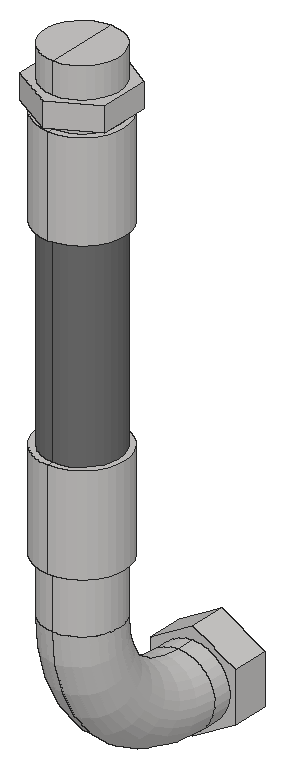
Revit family "Flexible Discharge Hose-JCI_Sapphire_Plus-(70bar)Novec1230", category Specialty Equipment, Revit 2017
Family settings
  Round Connector Dimension = Use Diameter
  Part Type = Normal
  OmniClass Number = 23.29.33.13.11
  Work Plane-Based = Yes
  Always vertical = Yes
  Cut with Voids When Loaded = No
  Shared = Yes
  Room Calculation Point = No
Parameters (values of type "50mm")
  x = 65 mm
  b = 70 mm
  URL = "http://www.sapphireplus.com"
  Type Comments = ""
  Product Page URL = "http://www.sapphireplus.com"
  Product Documentation Link = "http://www.sapphireplus.com"
  Part Number = Model  # "306700002"
  Part Description = Description  # "Flexible Discharge Hose"
  Model Disclaimer = "For More Information Contact JOHNSON CONTROLS"  # constant formula
  Model = "306700002"
  Manufacturer = "Johnson Controls, Inc."  # constant formula
  MR = 30 mm
  Fire Suppression Agent = "3M™ Novec™ 1230 Fire Protection Fluid"  # constant formula
  Family Version = "1.0"  # constant formula
  Equipment Number = "XXX"  # constant formula
  Equipment Abbreviation = "FH"  # constant formula
  Description = "Flexible Discharge Hose"  # constant formula
  Default Elevation = 1219.2 mm
  Date Modified = "YYYY/MM/DD"  # constant formula
  Date Created = "2018/10/11"  # constant formula
  Copyright © = "Copyright © 2001-2018 Johnson Controls Inc."  # constant formula
  C = 60 mm
  B = 520 mm
  Assembly Code = "D4090300"
  A1 = 114.2 mm
  A = 144.2 mm
Types (2, lengths in mm): name | b | Part Number | Model | MR | C | B | A
  50mm | 70 | "306700002" | "306700002" | 30 | 60 | 520 | 144.2
  25mm | 42 | "306700001" | "306700001" | 16 | 30 | 405 | 81.5
Reference planes
  plane 1 "Center (Front/Back)": y = 0
  plane 2: z = 0
  plane 3 "Center (Left/Right)": x = 0
  plane 4 "Nut Width": x = -35
  plane 5 "Nut Width offset": x = 35
  plane 6 "Bolt Hexa Front_Center1": through (0, -4572, 0) normal (-0.5, 0, -0.866)
  plane 7 "Bolt Hexa Front_Center2": through (0, -4572, 0) normal (-0.5, 0, 0.866)
  plane 8 "Bolt Hexa Front_Left2": through (-208, -4572, 79.674) normal (0.5, 0, 0.866)
  plane 9 "Bolt Hexa Front_Right2": through (-173, -4572, -140.296) normal (-0.5, 0, 0.866)
  plane 10 "Bolt Hexa Front_Right1": through (-208, -4572, -79.674) normal (-0.5, 0, 0.866)
  plane 11 "Bolt Hexa Front_Left1": through (208, -4572, -79.674) normal (-0.5, 0, -0.866)
  plane 12 "A Length1": y = 20
  plane 13 "Nut Length": y = -10
  plane 14 "Nut Length Ref": y = -25
  plane 15 "Hose Center": y = -124.2
  plane 16 "Hose Height": z = 520
  plane 17 "A Height": z = 144.2
  plane 18 "A Height Ref": z = 224.2
  plane 19: z = 390
  plane 20: z = 470
  plane 21 "NPT Nut Bottom": z = 475
  plane 22 "NPT Nut Top": z = 495
  plane 23 "Bolt Centre_Left": through (1.11, -124.841, 1219.2) normal (-0.5, -0.866, 0)
  plane 24 "Bolt Center_Right": through (-4.579, -126.844, 1219.2) normal (-0.5, 0.866, 0)
  plane 25 "Bolt S Right": x = 35
  plane 26 "Bolt S Left": x = -35
  plane 27 "Bolt Hexa Top_Right": through (-30.248, -101.249, 1219.2) normal (-0.5, 0.866, 0)
  plane 28 "Bolt Hexa Top_Left": through (30.248, -101.249, 1219.2) normal (-0.5, -0.866, 0)
  plane 29 "Bolt Hexa Bottom_Right": through (-30.248, -147.151, 1219.2) normal (0.5, 0.866, 0)
  plane 30 "Bolt Hexa Bottom_Left": through (30.248, -147.151, 1219.2) normal (0.5, -0.866, 0)
  plane 31 "BSPT Radius": z = 30
  plane 32 "BSPT Radius Ref": z = -30
  plane 33 "NPT Radius": y = -94.2
  plane 34 "NPT Radius Ref": y = -154.2
  plane 35 "Nut Void": y = 26.593
  plane 36 "Body Length1": y = -89.2
  plane 37 "Body Length2": y = -159.2
  plane 38: z = 0
Forms (mm)
  Extrusion 1, solid, material "JCI - Metal - Stainless Steel - Satin"
    sketch origin (0, 0, 0) x (1, 0, 0) y (0, 1, 0)
      loop
        line (-35, -144.407) -> (0, -164.615) -> (35, -144.407) -> (35, -103.993) -> (0, -83.785) -> (-35, -103.993) -> (-35, -144.407)
    from 475 to 495
  Extrusion 2, solid, material "JCI - Metal - Stainless Steel - Satin"
    sketch origin (0, 0, 0) x (1, 0, 0) y (0, 0, 1)
      loop
        line (-35, -20.207) -> (0, -40.415) -> (35, -20.207) -> (35, 20.207) -> (0, 40.415) -> (-35, 20.207) -> (-35, -20.207)
    from -20 to 10
  Sweep 3, solid, material "JCI - Metal - Stainless Steel - Satin"
    path origin (0, 0, 0) x (0, 1, 0) y (0, 0, 1)
      loop
        line (-10, 0) -> (-25, 0)
        arc (-25, 0) -> (-95.145, 29.055) -> (-124.2, 99.2) r 99.2
        line (-124.2, 99.2) -> (-124.2, 144.2)
    profile origin (0, -17.5, 0) x (0, 0, -1) y (1, 0, 0)
      loop
        circle (0, 0) r 30
  Revolve 4, void
    sketch origin (0, 0, 0) x (0, 1, 0) y (0, 0, 1)
      loop
        line (26.593, 30) -> (0, 30) -> (0, 0) -> (26.593, 0) -> (26.593, 30)
      axis (26.593, 0) -> (0, 0)
    angle from 0 to 360
  Revolve 5, solid, material "JCI - Metal - Stainless Steel - Satin"
    sketch origin (0, 0, 0) x (0, 1, 0) y (0, 0, 1)
      loop
        line (-124.2, 520) -> (-124.2, 495) -> (-94.2, 495) -> (-94.2, 520) -> (-124.2, 520)
      loop
        line (-94.2, 475) -> (-124.2, 475) -> (-124.2, 470) -> (-94.2, 470) -> (-94.2, 475)
      axis (-124.2, 470) -> (-124.2, 520)
    angle from 0 to 360
  Revolve 6, solid, material "JCI - Metal - Stainless Steel - Satin"
    sketch origin (0, 0, 0) x (0, 1, 0) y (0, 0, 1)
      loop
        line (-89.2, 470) -> (-124.2, 470) -> (-124.2, 390) -> (-89.2, 390) -> (-89.2, 470)
      loop
        line (-124.2, 224.2) -> (-124.2, 144.2) -> (-89.2, 144.2) -> (-89.2, 224.2) -> (-124.2, 224.2)
      axis (-124.2, 144.2) -> (-124.2, 470)
    angle from 0 to 360
  Revolve 7, solid, material "JCI - Rubber - Black- Matte"
    sketch origin (0, 0, 0) x (0, 1, 0) y (0, 0, 1)
      loop
        line (-124.2, 390) -> (-124.2, 224.2) -> (-94.2, 224.2) -> (-94.2, 390) -> (-124.2, 390)
      axis (-124.2, 224.2) -> (-124.2, 390)
    angle from 0 to 360
Cuts and joins
  Revolve 4 cuts Extrusion 2
Dimensions and locks
  equal spacing: plane 4 "Nut Width", plane 3 "Center (Left/Right)", plane 5 "Nut Width offset"
  "b": plane 4 "Nut Width" to plane 5 "Nut Width offset"
  equal spacing: plane 10 "Bolt Hexa Front_Right1", plane 7 "Bolt Hexa Front_Center2", plane 9 "Bolt Hexa Front_Right2"
  "b": plane 10 "Bolt Hexa Front_Right1" to plane 9 "Bolt Hexa Front_Right2"
  equal spacing: plane 11 "Bolt Hexa Front_Left1", plane 6 "Bolt Hexa Front_Center1", plane 8 "Bolt Hexa Front_Left2"
  "b": plane 11 "Bolt Hexa Front_Left1" to plane 8 "Bolt Hexa Front_Left2"
  "A": plane 12 "A Length1" to plane 15 "Hose Center"
  "B": plane 16 "Hose Height" to plane 2
  equal spacing: plane 26 "Bolt S Left", plane 3 "Center (Left/Right)", plane 25 "Bolt S Right"
  "b": plane 26 "Bolt S Left" to plane 25 "Bolt S Right"
  plane 30 "Bolt Hexa Bottom_Left" to plane 24 "Bolt Center_Right" to plane 27 "Bolt Hexa Top_Right" = 35 mm, 35 mm
  "b": plane 30 "Bolt Hexa Bottom_Left" to plane 27 "Bolt Hexa Top_Right"
  equal spacing: plane 28 "Bolt Hexa Top_Left", plane 23 "Bolt Centre_Left", plane 29 "Bolt Hexa Bottom_Right"
  "b": plane 28 "Bolt Hexa Top_Left" to plane 29 "Bolt Hexa Bottom_Right"
  equal spacing: plane 31 "BSPT Radius", plane 2, plane 32 "BSPT Radius Ref"
  equal spacing: plane 33 "NPT Radius", plane 15 "Hose Center", plane 34 "NPT Radius Ref"
  plane 20 to plane 19 = 80 mm
  locked: plane 18 "A Height Ref" to plane 17 "A Height" at 80
  plane 21 "NPT Nut Bottom" to plane 20 = 5 mm
  plane 22 "NPT Nut Top" to plane 21 "NPT Nut Bottom" = 20 mm
  plane 16 "Hose Height" to plane 22 "NPT Nut Top" = 25 mm
  locked: plane 12 "A Length1" to plane 1 "Center (Front/Back)" at 20
  locked: plane 1 "Center (Front/Back)" to plane 13 "Nut Length" at 10
  locked: plane 13 "Nut Length" to plane 14 "Nut Length Ref" at 15
  "MR": plane 31 "BSPT Radius" to plane 2
  equal spacing: plane 36 "Body Length1", plane 15 "Hose Center", plane 37 "Body Length2"
  "b": plane 36 "Body Length1" to plane 37 "Body Length2"
  "MR": plane 33 "NPT Radius" to plane 15 "Hose Center"
  "A": plane 17 "A Height" to level
  "MR": radius of Sweep 3 sketch curve
  angle plane 6 "Bolt Hexa Front_Center1" to plane 2 = 30.00°
  angle plane 3 "Center (Left/Right)" to plane 6 "Bolt Hexa Front_Center1" = 60.00°
  angle plane 2 to plane 7 "Bolt Hexa Front_Center2" = 30.00°
  angle plane 7 "Bolt Hexa Front_Center2" to plane 3 "Center (Left/Right)" = 60.00°
  angle plane 23 "Bolt Centre_Left" to plane 15 "Hose Center" = 30.00°
  angle plane 15 "Hose Center" to plane 24 "Bolt Center_Right" = 30.00°
  angle plane 24 "Bolt Center_Right" to plane 3 "Center (Left/Right)" = 60.00°
  angle plane 3 "Center (Left/Right)" to plane 23 "Bolt Centre_Left" = 60.00°
  aligned and locked: plane 2 to level
  aligned and locked: Extrusion 1 sketch curve to plane 29 "Bolt Hexa Bottom_Right"
  aligned and locked: plane 26 "Bolt S Left" to Extrusion 1 sketch curve
  aligned and locked: Extrusion 1 sketch curve to plane 27 "Bolt Hexa Top_Right"
  aligned and locked: Extrusion 1 sketch curve to plane 28 "Bolt Hexa Top_Left"
  aligned and locked: Extrusion 1 sketch curve to plane 25 "Bolt S Right"
  aligned and locked: Extrusion 1 sketch curve to plane 30 "Bolt Hexa Bottom_Left"
  aligned and locked: plane 22 "NPT Nut Top" to Extrusion 1
  aligned and locked: Extrusion 1 to plane 21 "NPT Nut Bottom"
  aligned and locked: Extrusion 2 sketch curve to plane 4 "Nut Width"
  aligned and locked: Extrusion 2 sketch curve to plane 8 "Bolt Hexa Front_Left2"
  aligned and locked: Extrusion 2 sketch curve to plane 9 "Bolt Hexa Front_Right2"
  aligned and locked: plane 5 "Nut Width offset" to Extrusion 2 sketch curve
  aligned and locked: Extrusion 2 sketch curve to plane 11 "Bolt Hexa Front_Left1"
  aligned and locked: Extrusion 2 sketch curve to plane 10 "Bolt Hexa Front_Right1"
  aligned and locked: plane 12 "A Length1" to Extrusion 2
  aligned and locked: Extrusion 2 to plane 13 "Nut Length"
  aligned and locked: plane 15 "Hose Center" to Sweep 3 sketch curve
  aligned and locked: level to Sweep 3 sketch curve
  aligned and locked: plane 31 "BSPT Radius" to Revolve 4 sketch curve
  aligned and locked: plane 35 "Nut Void" to Revolve 4 sketch curve
  aligned and locked: Revolve 4 sketch curve to level  (x2)
  aligned and locked: plane 1 "Center (Front/Back)" to Revolve 4 sketch curve
  aligned and locked: Revolve 5 sketch curve to plane 16 "Hose Height"
  aligned and locked: plane 15 "Hose Center" to Revolve 5 sketch curve
  aligned and locked: Revolve 5 sketch curve to plane 33 "NPT Radius"
  aligned and locked: plane 22 "NPT Nut Top" to Revolve 5 sketch curve
  aligned and locked: plane 21 "NPT Nut Bottom" to Revolve 5 sketch curve
  aligned and locked: Revolve 5 sketch curve to plane 20
  aligned and locked: plane 33 "NPT Radius" to Revolve 5 sketch curve
  aligned and locked: Revolve 5 sketch curve to plane 15 "Hose Center"  (x2)
  aligned and locked: plane 20 to Revolve 6 sketch curve
  aligned and locked: plane 36 "Body Length1" to Revolve 6 sketch curve
  aligned and locked: Revolve 6 sketch curve to plane 15 "Hose Center"  (x2)
  aligned and locked: Revolve 6 sketch curve to plane 19
  aligned and locked: Revolve 6 sketch curve to plane 18 "A Height Ref"
  aligned and locked: plane 15 "Hose Center" to Revolve 6 sketch curve
  aligned and locked: plane 17 "A Height" to Revolve 6 sketch curve
  aligned and locked: Revolve 6 sketch curve to plane 36 "Body Length1"
  aligned and locked: plane 15 "Hose Center" to Revolve 7 sketch curve
  aligned and locked: Revolve 7 sketch curve to plane 33 "NPT Radius"
  aligned and locked: Revolve 7 sketch curve to plane 19
  aligned and locked: plane 18 "A Height Ref" to Revolve 7 sketch curve
  aligned and locked: Revolve 7 sketch curve to plane 15 "Hose Center"
  aligned and locked: level to plane 38
Automatic sketch dimensions
  Sweep 3 sketch curve to plane 14 "Nut Length Ref" = 0 mm
  Sweep 3 sketch curve to plane 17 "A Height" = 0 mm
  plane 34 "NPT Radius Ref" to Revolve 4 sketch curve = 2420.941 mm
  plane 35 "Nut Void" to Revolve 4 sketch curve = 2070.816 mm
  plane 32 "BSPT Radius Ref" to Revolve 5 sketch curve = 70.485 mm
  plane 16 "Hose Height" to Revolve 5 sketch curve = 576.725 mm
  plane 32 "BSPT Radius Ref" to Revolve 6 sketch curve = 70.485 mm
  plane 16 "Hose Height" to Revolve 6 sketch curve = 576.725 mm
  plane 32 "BSPT Radius Ref" to Revolve 7 sketch curve = 70.485 mm
  plane 16 "Hose Height" to Revolve 7 sketch curve = 576.725 mm
  Sweep 3 sketch curve to plane 13 "Nut Length" = 0 mm
  Sweep 3 sketch curve to plane 3 "Center (Left/Right)" = 0 mm
  Sweep 3 sketch curve to profile plane = 0 mm
